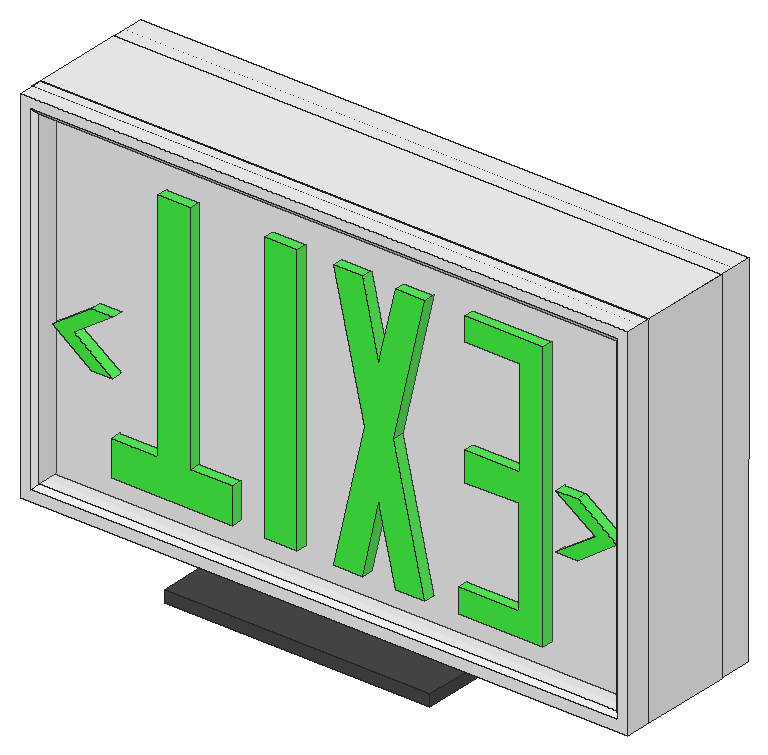
Revit family "LED_Ceiling", category Lighting Fixtures, host Face, Revit 2021
Family settings
  Host = Face
  Round Connector Dimension = Use Diameter
  Part Type = Normal
  OmniClass Number = 23.80.70.11.21
  OmniClass Title = Emergency Lighting
  Cut with Voids When Loaded = No
  Light Source = No
  Shared = No
  Room Calculation Point = No
Parameters (values of type "LED-D-G")
  zz Length 1 [instance] = if(Single Face, 0.200", 0.250")  # 0.200"
  Watts = 3.72 W
  Wattage Comments = "3.72 W"
  Warranty = "Fixture: 5 Years Full; Battery: 2 Years Full, 8 Years Pro-Rata"  # constant formula
  Wall Plate Material = Black
  Voltage [instance] = if(Is 120VAC, 120 V, 277 V)  # 120 V
  URL = "https://www.currentlighting.com/dual-lite"
  Type Comments = "Exit Light"  # constant formula
  Single Face = yes
  Product Page URL = ""
  Product Documentation Link = ""
  Model = "LED"  # constant formula
  Manufacturer = "DUAL-LITE"  # constant formula
  Load Classification = Lighting
  Lens = Green Glass
  Lamp = "LED Lamp"  # constant formula
  LED = End : C1
  Is 277VAC [instance] = not(Is 120VAC)  # no
  Is 120VAC [instance] = yes
  Holder Material = Steel
  Glass = light Glass
  Finish = White
  Features = "Vinyl-clad aluminum housing\r\nPolycarbonate face shield\r\nLong-life LED lamps\r\nRed or green letter models\r\nUniversal single/double face\r\nSix finishes offered: white, black, black/brushed, brass, antique brass, and white/brushed\r\nUniversal end/ceiling/wall mounting\r\n120/277 VAC operation, 60 Hz operation\r\nAC On Indicator Light"  # constant formula
  Double Face = yes
  Description = "Exit sign construction is vinyl clad aluminum in a choice of white, white with brushed face, black, black with brushed face, brass or antique brass finish."  # constant formula
  Default Elevation = 48.000"
  Certification = "UL 924 Listed\r\nNFPA 101 Life Safety Code\r\nCEC T20 Compliant"  # constant formula
  Application = "Conditional Space, Damp Location"  # constant formula
  Apparent Load = Watts  # 3.72 VA
Types (4): name | Lens | Double Face
  LED-S-R | Red Glass | no
  LED-S-G | Green Glass | no
  LED-D-G | Green Glass | yes
  LED-D-R | Red Glass | yes
Reference planes (in)
  plane 1 "Center (Front/Back)": y = 0
  plane 2: z = 0
  plane 3 "Center (Left/Right)": x = 0
  plane 4: x = -6.25
  plane 5: x = 6.25
  plane 6: x = -2.75
  plane 7: x = 2.75
  plane 8: z = 9.3
  plane 9: y = -1.25
  plane 10: y = 1.25
  plane 11: y = -2.2
  plane 12: y = 2.2
Forms (in)
  Extrusion 1, solid, material "Black" <- "Wall Plate Material"
    sketch origin (-0.33698, -0.33698, 0) x (0, 1, 0) y (0, 0, 1)
      loop
        line (2.20258, 0) -> (2.20258, 0.24288) -> (1.0795, 0.24288)
        arc (1.0795, 0.24288) -> (0.94157, 0.42301) -> (0.97906, 0.64676) r 0.28476
        line (0.97906, 0.64676) -> (-0.97906, 0.64676)
        arc (-0.97906, 0.64676) -> (-0.94157, 0.42301) -> (-1.0795, 0.24288) r 0.28476
        line (-1.0795, 0.24288) -> (-2.20258, 0.24288) -> (-2.20258, 0) -> (2.20258, 0)
    from -2.75 to 2.75
Dimensions and locks (in)
  plane 4 to plane 3 "Center (Left/Right)" = 6.250"
  equal spacing: plane 4, plane 3 "Center (Left/Right)", plane 5
  equal spacing: plane 6, plane 3 "Center (Left/Right)", plane 7
  plane 6 to plane 3 "Center (Left/Right)" = 2.750"
  plane 7 to plane 6 = 5.500"
  plane 5 to plane 4 = 12.500"
  aligned and locked: plane 2 to host face
  aligned and locked: level to host face
Automatic sketch dimensions
  host sketch curve to host sketch curve = 96.000"  (x2)
  Extrusion 1 sketch curve to level = 0.000"
  plane 11 to Extrusion 1 sketch curve = 0.33957"
  plane 9 to Extrusion 1 sketch curve = 0.3049"
  plane 9 to Extrusion 1 sketch curve = 0.16648"
  plane 9 to Extrusion 1 sketch curve = 0.06604"
  plane 10 to Extrusion 1 sketch curve = 0.60792"
  Extrusion 1 sketch curve to Extrusion 1 sketch curve = 0.10044"
  Extrusion 1 sketch curve to Extrusion 1 sketch curve = 0.13842"
  plane 12 to Extrusion 1 sketch curve = 0.3344"
  Extrusion 1 sketch curve to Extrusion 1 sketch curve = 0.24288"
  level to Extrusion 1 sketch curve = 0.24288"
  Extrusion 1 sketch curve to Extrusion 1 sketch curve = 0.24885"
Nested families (in)
  nested 1: "End" at (-0.23902, -0.40896, 0.49338), type <- "LED", type "C1"
Connectors (in)
  electrical at (-0.33698, -0.33698, 0), driven by "Voltage", driven by "Apparent Load"
    settings: on Extrusion 1, index 1, voltage 120 V, apparent load 3.72 VA, apparent load phase1 0 VA, apparent load phase2 0 VA, apparent load phase3 0 VA, power factor 1, load classification "Other", number of poles 1, system type 30, power factor state 1, is connector primary yes, connector utility no, sub classification motor no, connector description "Lighting Connector"
Definition of nested family "End"
  Parameters
    Single Face = yes
    Lens = none
    Glass = none
    Finish = none
    Double Face = yes
    Default Elevation = 0.000"
  Reference planes (in)
    plane 1 "Center (Front/Back)": y = 0
    plane 2: z = 0
    plane 3 "Center (Left/Right)": x = 0
    plane 4: x = -3.75
    plane 5: x = 3.75
    plane 6: z = 12.625
    plane 7: y = 0.866
    plane 8: y = -0.866
    plane 9: y = -1.555
    plane 10: y = 1.555
  Forms (in)
    Extrusion 1, solid, material <- "Finish"
      sketch origin (0.42375, 0.02507, 8.5275) x (-1, 0, 0) y (0, 0, -1)
        loop
          line (-5.875, 8.5275) -> (-5.875, 1.0275) -> (6.7225, 1.0275) -> (6.7225, 8.5275) -> (-5.875, 8.5275)
      from -0.84093 to 1.05216
    Extrusion 2, solid, material <- "Lens", visible <- "Single Face"
      sketch origin (0.42375, 0.02507, -0.07708) x (1, 0, 0) y (0, 0, 1)
        loop
          line (4.57564, 2.74063) -> (5.3948, 3.3142) -> (4.57564, 3.88778) -> (4.13978, 3.88778) -> (4.95893, 3.3142) -> (4.13978, 2.74063) -> (4.57564, 2.74063)
        loop
          line (2.24666, 6.45678) -> (2.24666, 5.97564) -> (3.3841, 5.97564) -> (3.3841, 3.97225) -> (2.24666, 3.97225) -> (2.24666, 3.36683) -> (3.36524, 3.3823) -> (3.36524, 1.3823) -> (2.11524, 1.3823) -> (2.11524, 0.8823) -> (3.86524, 0.8823) -> (3.86524, 6.45678) -> (2.24666, 6.45678)
        loop
          line (0.77397, 3.67007) -> (1.41733, 6.45678) -> (0.81325, 6.45678) -> (0.47193, 4.97835) -> (0.13061, 6.45678) -> (-0.47347, 6.45678) -> (0.16989, 3.67007) -> (-0.47347, 0.88335) -> (0.13061, 0.88335) -> (0.47193, 2.36179) -> (0.81325, 0.88335) -> (1.41733, 0.88335) -> (0.77397, 3.67007)
        loop
          line (-1.90069, 6.47228) -> (-1.90069, 0.88335) -> (-1.23107, 0.88335) -> (-1.23107, 6.47228) -> (-1.90069, 6.47228)
        loop
          line (-2.56807, 0.88335) -> (-2.56807, 1.61488) -> (-3.44038, 1.61488) -> (-3.44038, 6.47228) -> (-4.11, 6.47228) -> (-4.11, 1.61488) -> (-5.07984, 1.61488) -> (-5.07984, 0.88335) -> (-2.56807, 0.88335)
        loop
          line (-5.47528, 2.74063) -> (-5.03942, 2.74063) -> (-5.85857, 3.3142) -> (-5.03942, 3.88778) -> (-5.47528, 3.88778) -> (-6.29443, 3.3142) -> (-5.47528, 2.74063)
      from 1.05216 to 1.27507
    Extrusion 3, solid, material <- "Glass", visible <- "Single Face"
      sketch origin (0.42375, 0.02507, 8.5275) x (-1, 0, 0) y (0, 0, -1)
        loop
          line (-5.875, 8.5275) -> (-5.875, 1.0275) -> (6.7225, 1.0275) -> (6.7225, 8.5275) -> (-5.875, 8.5275)
      from 1.05 to 1.27507
    Extrusion 4, solid, material <- "Lens", visible <- "Double Face"
      sketch origin (0.42375, 0.02507, 7.2775) x (-1, 0, 0) y (0, 0, 1)
        loop
          line (-4.63814, -3.88778) -> (-4.20228, -3.88778) -> (-5.02143, -3.3142) -> (-4.20228, -2.74063) -> (-4.63814, -2.74063) -> (-5.4573, -3.3142) -> (-4.63814, -3.88778)
        loop
          line (2.87166, -6.45678) -> (4.49024, -6.45678) -> (4.49024, -0.8823) -> (2.74024, -0.8823) -> (2.74024, -1.3823) -> (3.99024, -1.3823) -> (3.99024, -3.3823) -> (2.87166, -3.36683) -> (2.87166, -3.97225) -> (4.0091, -3.97225) -> (4.0091, -5.97564) -> (2.87166, -5.97564) -> (2.87166, -6.45678)
        loop
          line (1.98957, -6.45573) -> (1.34358, -3.65762) -> (1.98957, -0.85951) -> (1.359, -0.85951) -> (1.05043, -2.19606) -> (0.74186, -0.85951) -> (0.11129, -0.85951) -> (0.75728, -3.65762) -> (0.11129, -6.45573) -> (0.74186, -6.45573) -> (1.05043, -5.11917) -> (1.359, -6.45573) -> (1.98957, -6.45573)
        loop
          line (-1.27569, -6.47228) -> (-0.60607, -6.47228) -> (-0.60607, -0.88335) -> (-1.27569, -0.88335) -> (-1.27569, -6.47228)
        loop
          line (-4.45484, -6.47228) -> (-1.94307, -6.47228) -> (-1.94307, -5.74075) -> (-2.91291, -5.74075) -> (-2.91291, -0.88335) -> (-3.58253, -0.88335) -> (-3.58253, -5.74075) -> (-4.45484, -5.74075) -> (-4.45484, -6.47228)
        loop
          line (5.33366, -3.88778) -> (6.15281, -3.3142) -> (5.33366, -2.74063) -> (4.8978, -2.74063) -> (5.71695, -3.3142) -> (4.8978, -3.88778) -> (5.33366, -3.88778)
      from 0.84093 to 1.12465
    Extrusion 5, solid, material <- "Glass", visible <- "Double Face"
      sketch origin (0.42375, 0.02507, 8.5275) x (-1, 0, 0) y (0, 0, 1)
        loop
          line (6.7225, -1.0275) -> (-5.875, -1.0275) -> (-5.875, -8.5275) -> (6.7225, -8.5275) -> (6.7225, -1.0275)
      from 0.84093 to 1.12465
    Sweep 6, solid, material <- "Finish"
      path origin (6.32625, 0, 3.75) x (0, 0, 1) y (-1, 0, 0)
        loop
          line (-3.75, 12.625) -> (-3.75, 0.0275) -> (3.75, 0.0275) -> (3.75, 12.625) -> (-3.75, 12.625)
      profile origin (-6.29875, 0, 3.75) x (-1, 0, 0) y (0, -1, 0)
        loop
          line (0, -1.555) -> (0, 1.555) -> (-0.21594, 1.555) -> (-0.31329, 1.45765) -> (-0.31329, -1.45765) -> (-0.21594, -1.555) -> (0, -1.555)
  Dimensions and locks (in)
    Extrusion 5 to Extrusion 3 = 2.39972"
    plane 6 to level = 12.625"
    plane 5 to plane 3 "Center (Left/Right)" = 3.750"
    plane 3 "Center (Left/Right)" to plane 4 = 3.750"
    aligned and locked: plane 2 to level
    aligned and locked: Extrusion 1 to Extrusion 3
    aligned and locked: Extrusion 5 to Extrusion 1
